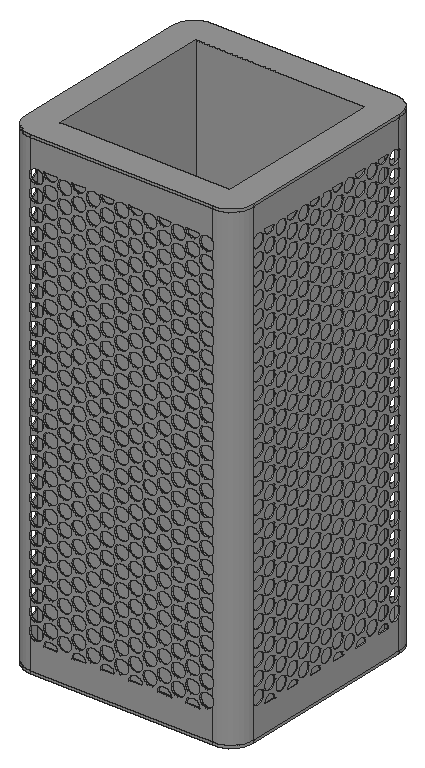
Revit family "Урна стальная «Ферия» Арт 12962", category Антураж, Revit 2018
Family settings
  На основе рабочей плоскости = Нет
  Всегда вертикально = Да
  При загрузке вырезать с полостями = Нет
  Источник визуального образа = Геометрия семейства
  Общий = Нет
  Точка расчета площади = Нет
Parameters (values of type "Урна стальная «Ферия»")
  Ширина = 400 mm  # constant formula
  Цвет отделки = Нержавеющая сталь
  Цвет бака = Зеленый
  Описание = "Урна стальная «Ферия». Одинарная"  # constant formula
  Материал изделия = "Сталь"  # constant formula
  Изображение типоразмера = Урна стальная «Ферия» Арт 12962.jpg
  Изготовитель = "ООО «Хоббика»"  # constant formula
  Длина = 400 mm  # constant formula
  Группа модели = "Уличные урны"  # constant formula
  Высота = 850 mm  # constant formula
  Артикул товара = "Арт. 12962"  # constant formula
  URL = "https://hobbyka.ru/product/urna_dlya_razdelnogo_sbora_musora_feriya/"
Reference planes
  plane 1 "По центру (Вперед/Назад)": y = 0
  plane 2: z = 0
  plane 3 "По центру (Влево/Вправо)": x = 0
  plane 4: y = 400
  plane 5: x = 400
  plane 6: z = 850
Forms (mm)
  Extrusion 1, solid, material "Нержавеющая сталь" <- "Цвет отделки"
    sketch origin (0, 0, 0) x (1, 0, 0) y (0, 1, 0)
      loop
        arc (40, 400) -> (11.716, 388.284) -> (0, 360) r 40
        line (0, 360) -> (0, 40)
        arc (0, 40) -> (11.716, 11.716) -> (40, 0) r 40
        line (40, 0) -> (360, 0)
        arc (360, 0) -> (388.284, 11.716) -> (400, 40) r 40
        line (400, 40) -> (400, 360)
        arc (400, 360) -> (388.284, 388.284) -> (360, 400) r 40
        line (360, 400) -> (40, 400)
      loop
        arc (40, 398) -> (13.13, 386.87) -> (2, 360) r 38
        line (2, 360) -> (2, 40)
        arc (2, 40) -> (13.13, 13.13) -> (40, 2) r 38
        line (40, 2) -> (360, 2)
        arc (360, 2) -> (386.87, 13.13) -> (398, 40) r 38
        line (398, 40) -> (398, 360)
        arc (398, 360) -> (386.87, 386.87) -> (360, 398) r 38
        line (360, 398) -> (40, 398)
    from 5 to 845
  Extrusion 2, solid, material "Зеленый" <- "Цвет бака"
    sketch origin (0, 0, 0) x (1, 0, 0) y (0, 1, 0)
      loop
        arc (400, 360) -> (388.284, 388.284) -> (360, 400) r 40
        line (360, 400) -> (40, 400)
        arc (40, 400) -> (11.716, 388.284) -> (0, 360) r 40
        line (0, 360) -> (0, 40)
        arc (0, 40) -> (11.716, 11.716) -> (40, 0) r 40
        line (40, 0) -> (360, 0)
        arc (360, 0) -> (388.284, 11.716) -> (400, 40) r 40
        line (400, 40) -> (400, 360)
    from 0 to 850
  Extrusion 3, void
    sketch origin (0, 0, 0) x (1, 0, 0) y (0, 1, 0)
      loop
        arc (400, 360) -> (388.284, 388.284) -> (360, 400) r 40
        line (360, 400) -> (40, 400)
        arc (40, 400) -> (11.716, 388.284) -> (0, 360) r 40
        line (0, 360) -> (0, 40)
        arc (0, 40) -> (11.716, 11.716) -> (40, 0) r 40
        line (40, 0) -> (360, 0)
        arc (360, 0) -> (388.284, 11.716) -> (400, 40) r 40
        line (400, 40) -> (400, 360)
      loop
        line (360, 375) -> (40, 375)
        arc (40, 375) -> (29.393, 370.607) -> (25, 360) r 15
        line (25, 360) -> (25, 40)
        arc (25, 40) -> (29.393, 29.393) -> (40, 25) r 15
        line (40, 25) -> (360, 25)
        arc (360, 25) -> (370.607, 29.393) -> (375, 40) r 15
        line (375, 40) -> (375, 360)
        arc (375, 360) -> (370.607, 370.607) -> (360, 375) r 15
    from 5 to 845
  Extrusion 4, void
    sketch origin (0, 0, 0) x (1, 0, 0) y (0, 1, 0)
      loop
        line (50, 350) -> (50, 50) -> (350, 50) -> (350, 350) -> (50, 350)
    from 5 to 893.247
  Extrusion 5, void
    sketch origin (0, 0, 0) x (1, 0, 0) y (0, 0, 1)
      loop
        line (62.5, 50) -> (87.5, 50)
        arc (87.5, 50) -> (75, 62.5) -> (62.5, 50) r 12.5
      loop
        arc (62.5, 800) -> (75, 787.5) -> (87.5, 800) r 12.5
        line (87.5, 800) -> (62.5, 800)
      loop
        circle (200, 787.5) r 12.5
      loop
        arc (162.5, 800) -> (175, 787.5) -> (187.5, 800) r 12.5
        line (187.5, 800) -> (162.5, 800)
      loop
        line (237.5, 800) -> (212.5, 800)
        arc (212.5, 800) -> (225, 787.5) -> (237.5, 800) r 12.5
      loop
        circle (150, 787.5) r 12.5
      loop
        arc (112.5, 800) -> (125, 787.5) -> (137.5, 800) r 12.5
        line (137.5, 800) -> (112.5, 800)
      loop
        circle (100, 787.5) r 12.5
      loop
        circle (250, 787.5) r 12.5
      loop
        line (287.5, 800) -> (262.5, 800)
        arc (262.5, 800) -> (275, 787.5) -> (287.5, 800) r 12.5
      loop
        circle (300, 787.5) r 12.5
      loop
        line (337.5, 800) -> (312.5, 800)
        arc (312.5, 800) -> (325, 787.5) -> (337.5, 800) r 12.5
      loop
        circle (100, 757.5) r 12.5
      loop
        circle (75, 770) r 12.5
      loop
        circle (125, 770) r 12.5
      loop
        circle (200, 757.5) r 12.5
      loop
        circle (175, 770) r 12.5
      loop
        circle (150, 757.5) r 12.5
      loop
        circle (300, 757.5) r 12.5
      loop
        circle (325, 770) r 12.5
      loop
        circle (275, 770) r 12.5
      loop
        circle (225, 770) r 12.5
      loop
        circle (250, 757.5) r 12.5
      loop
        circle (100, 727.5) r 12.5
      loop
        circle (75, 740) r 12.5
      loop
        circle (125, 740) r 12.5
      loop
        circle (200, 727.5) r 12.5
      loop
        circle (175, 740) r 12.5
      loop
        circle (150, 727.5) r 12.5
      loop
        circle (300, 727.5) r 12.5
      loop
        circle (325, 740) r 12.5
      loop
        circle (275, 740) r 12.5
      loop
        circle (225, 740) r 12.5
      loop
        circle (250, 727.5) r 12.5
      loop
        circle (100, 697.5) r 12.5
      loop
        circle (75, 710) r 12.5
      loop
        circle (125, 710) r 12.5
      loop
        circle (200, 697.5) r 12.5
      loop
        circle (175, 710) r 12.5
      loop
        circle (150, 697.5) r 12.5
      loop
        circle (300, 697.5) r 12.5
      loop
        circle (325, 710) r 12.5
      loop
        circle (275, 710) r 12.5
      loop
        circle (225, 710) r 12.5
      loop
        circle (250, 697.5) r 12.5
      loop
        circle (100, 667.5) r 12.5
      loop
        circle (75, 680) r 12.5
      loop
        circle (125, 680) r 12.5
      loop
        circle (200, 667.5) r 12.5
      loop
        circle (175, 680) r 12.5
      loop
        circle (150, 667.5) r 12.5
      loop
        circle (300, 667.5) r 12.5
      loop
        circle (325, 680) r 12.5
      loop
        circle (275, 680) r 12.5
      loop
        circle (225, 680) r 12.5
      loop
        circle (250, 667.5) r 12.5
      loop
        circle (100, 637.5) r 12.5
      loop
        circle (75, 650) r 12.5
      loop
        circle (125, 650) r 12.5
      loop
        circle (200, 637.5) r 12.5
      loop
        circle (175, 650) r 12.5
      loop
        circle (150, 637.5) r 12.5
      loop
        circle (300, 637.5) r 12.5
      loop
        circle (325, 650) r 12.5
      loop
        circle (275, 650) r 12.5
      loop
        circle (225, 650) r 12.5
      loop
        circle (250, 637.5) r 12.5
      loop
        circle (100, 607.5) r 12.5
      loop
        circle (75, 620) r 12.5
      loop
        circle (125, 620) r 12.5
      loop
        circle (200, 607.5) r 12.5
      loop
        circle (175, 620) r 12.5
      loop
        circle (150, 607.5) r 12.5
      loop
        circle (300, 607.5) r 12.5
      loop
        circle (325, 620) r 12.5
      loop
        circle (275, 620) r 12.5
      loop
        circle (225, 620) r 12.5
      loop
        circle (250, 607.5) r 12.5
      loop
        circle (100, 577.5) r 12.5
      loop
        circle (75, 590) r 12.5
      loop
        circle (125, 590) r 12.5
      loop
        circle (200, 577.5) r 12.5
      loop
        circle (175, 590) r 12.5
      loop
        circle (150, 577.5) r 12.5
      loop
        circle (300, 577.5) r 12.5
      loop
        circle (325, 590) r 12.5
      loop
        circle (275, 590) r 12.5
      loop
        circle (225, 590) r 12.5
      loop
        circle (250, 577.5) r 12.5
      loop
        circle (100, 547.5) r 12.5
      loop
        circle (75, 560) r 12.5
      loop
        circle (125, 560) r 12.5
      loop
        circle (200, 547.5) r 12.5
      loop
        circle (175, 560) r 12.5
      loop
        circle (150, 547.5) r 12.5
      loop
        circle (300, 547.5) r 12.5
      loop
        circle (325, 560) r 12.5
      loop
        circle (275, 560) r 12.5
      loop
        circle (225, 560) r 12.5
      loop
        circle (250, 547.5) r 12.5
      loop
        circle (100, 517.5) r 12.5
      loop
        circle (75, 530) r 12.5
      loop
        circle (125, 530) r 12.5
      loop
        circle (200, 517.5) r 12.5
      loop
        circle (175, 530) r 12.5
      loop
        circle (150, 517.5) r 12.5
      loop
        circle (300, 517.5) r 12.5
      loop
        circle (325, 530) r 12.5
      loop
        circle (275, 530) r 12.5
      loop
        circle (225, 530) r 12.5
      loop
        circle (250, 517.5) r 12.5
      loop
        circle (100, 487.5) r 12.5
      loop
        circle (75, 500) r 12.5
      loop
        circle (125, 500) r 12.5
      loop
        circle (200, 487.5) r 12.5
      loop
        circle (175, 500) r 12.5
      loop
        circle (150, 487.5) r 12.5
      loop
        circle (300, 487.5) r 12.5
      loop
        circle (325, 500) r 12.5
      loop
        circle (275, 500) r 12.5
      loop
        circle (225, 500) r 12.5
      loop
        circle (250, 487.5) r 12.5
      loop
        circle (100, 457.5) r 12.5
      loop
        circle (75, 470) r 12.5
      loop
        circle (125, 470) r 12.5
      loop
        circle (200, 457.5) r 12.5
      loop
        circle (175, 470) r 12.5
      loop
        circle (150, 457.5) r 12.5
      loop
        circle (300, 457.5) r 12.5
      loop
        circle (325, 470) r 12.5
      loop
        circle (275, 470) r 12.5
      loop
        circle (225, 470) r 12.5
      loop
        circle (250, 457.5) r 12.5
      loop
        circle (100, 427.5) r 12.5
      loop
        circle (75, 440) r 12.5
      loop
        circle (125, 440) r 12.5
      loop
        circle (200, 427.5) r 12.5
      loop
        circle (175, 440) r 12.5
      loop
        circle (150, 427.5) r 12.5
      loop
        circle (300, 427.5) r 12.5
      loop
        circle (325, 440) r 12.5
      loop
        circle (275, 440) r 12.5
      loop
        circle (225, 440) r 12.5
      loop
        circle (250, 427.5) r 12.5
      loop
        circle (100, 397.5) r 12.5
      loop
        circle (75, 410) r 12.5
      loop
        circle (125, 410) r 12.5
      loop
        circle (200, 397.5) r 12.5
      loop
        circle (175, 410) r 12.5
      loop
        circle (150, 397.5) r 12.5
      loop
        circle (300, 397.5) r 12.5
      loop
        circle (325, 410) r 12.5
      loop
        circle (275, 410) r 12.5
      loop
        circle (225, 410) r 12.5
      loop
        circle (250, 397.5) r 12.5
      loop
        circle (100, 367.5) r 12.5
      loop
        circle (75, 380) r 12.5
      loop
        circle (125, 380) r 12.5
      loop
        circle (200, 367.5) r 12.5
      loop
        circle (175, 380) r 12.5
      loop
        circle (150, 367.5) r 12.5
      loop
        circle (300, 367.5) r 12.5
      loop
        circle (325, 380) r 12.5
      loop
        circle (275, 380) r 12.5
      loop
        circle (225, 380) r 12.5
      loop
        circle (250, 367.5) r 12.5
      loop
        circle (100, 337.5) r 12.5
      loop
        circle (75, 350) r 12.5
      loop
        circle (125, 350) r 12.5
      loop
        circle (200, 337.5) r 12.5
      loop
        circle (175, 350) r 12.5
      loop
        circle (150, 337.5) r 12.5
      loop
        circle (300, 337.5) r 12.5
      loop
        circle (325, 350) r 12.5
      loop
        circle (275, 350) r 12.5
      loop
        circle (225, 350) r 12.5
      loop
        circle (250, 337.5) r 12.5
      loop
        circle (100, 307.5) r 12.5
      loop
        circle (75, 320) r 12.5
      loop
        circle (125, 320) r 12.5
      loop
        circle (200, 307.5) r 12.5
      loop
        circle (175, 320) r 12.5
      loop
        circle (150, 307.5) r 12.5
      loop
        circle (300, 307.5) r 12.5
      loop
        circle (325, 320) r 12.5
      loop
        circle (275, 320) r 12.5
      loop
        circle (225, 320) r 12.5
      loop
        circle (250, 307.5) r 12.5
      loop
        circle (100, 277.5) r 12.5
      loop
        circle (75, 290) r 12.5
      loop
        circle (125, 290) r 12.5
      loop
        circle (200, 277.5) r 12.5
      loop
        circle (175, 290) r 12.5
      loop
        circle (150, 277.5) r 12.5
      loop
        circle (300, 277.5) r 12.5
      loop
        circle (325, 290) r 12.5
      loop
        circle (275, 290) r 12.5
      loop
        circle (225, 290) r 12.5
      loop
        circle (250, 277.5) r 12.5
      loop
        circle (100, 247.5) r 12.5
      loop
        circle (75, 260) r 12.5
      loop
        circle (125, 260) r 12.5
      loop
        circle (200, 247.5) r 12.5
      loop
        circle (175, 260) r 12.5
      loop
        circle (150, 247.5) r 12.5
      loop
        circle (300, 247.5) r 12.5
      loop
        circle (325, 260) r 12.5
      loop
        circle (275, 260) r 12.5
      loop
        circle (225, 260) r 12.5
      loop
        circle (250, 247.5) r 12.5
      loop
        circle (100, 217.5) r 12.5
      loop
        circle (75, 230) r 12.5
      loop
        circle (125, 230) r 12.5
      loop
        circle (200, 217.5) r 12.5
      loop
        circle (175, 230) r 12.5
      loop
        circle (150, 217.5) r 12.5
      loop
        circle (300, 217.5) r 12.5
      loop
        circle (325, 230) r 12.5
      loop
        circle (275, 230) r 12.5
      loop
        circle (225, 230) r 12.5
      loop
        circle (250, 217.5) r 12.5
      loop
        circle (100, 187.5) r 12.5
      loop
        circle (75, 200) r 12.5
      loop
        circle (125, 200) r 12.5
      loop
        circle (200, 187.5) r 12.5
      loop
        circle (175, 200) r 12.5
      loop
        circle (150, 187.5) r 12.5
      loop
        circle (300, 187.5) r 12.5
      loop
        circle (325, 200) r 12.5
      loop
        circle (275, 200) r 12.5
      loop
        circle (225, 200) r 12.5
      loop
        circle (250, 187.5) r 12.5
      loop
        circle (100, 157.5) r 12.5
      loop
        circle (75, 170) r 12.5
      loop
        circle (125, 170) r 12.5
      loop
        circle (200, 157.5) r 12.5
      loop
        circle (175, 170) r 12.5
      loop
        circle (150, 157.5) r 12.5
      loop
        circle (300, 157.5) r 12.5
      loop
        circle (325, 170) r 12.5
      loop
        circle (275, 170) r 12.5
      loop
        circle (225, 170) r 12.5
      loop
        circle (250, 157.5) r 12.5
      loop
        circle (100, 127.5) r 12.5
      loop
        circle (75, 140) r 12.5
      loop
        circle (125, 140) r 12.5
      loop
        circle (200, 127.5) r 12.5
      loop
        circle (175, 140) r 12.5
      loop
        circle (150, 127.5) r 12.5
      loop
        circle (300, 127.5) r 12.5
      loop
        circle (325, 140) r 12.5
      loop
        circle (275, 140) r 12.5
      loop
        circle (225, 140) r 12.5
      loop
        circle (250, 127.5) r 12.5
      loop
        circle (100, 97.5) r 12.5
      loop
        circle (75, 110) r 12.5
      loop
        circle (125, 110) r 12.5
      loop
        circle (200, 97.5) r 12.5
      loop
        circle (175, 110) r 12.5
      loop
        circle (150, 97.5) r 12.5
      loop
        circle (300, 97.5) r 12.5
      loop
        circle (325, 110) r 12.5
      loop
        circle (275, 110) r 12.5
      loop
        circle (225, 110) r 12.5
      loop
        circle (250, 97.5) r 12.5
      loop
        circle (100, 67.5) r 12.5
      loop
        circle (75, 80) r 12.5
      loop
        circle (125, 80) r 12.5
      loop
        circle (200, 67.5) r 12.5
      loop
        circle (175, 80) r 12.5
      loop
        circle (150, 67.5) r 12.5
      loop
        circle (300, 67.5) r 12.5
      loop
        circle (325, 80) r 12.5
      loop
        circle (275, 80) r 12.5
      loop
        circle (225, 80) r 12.5
      loop
        circle (250, 67.5) r 12.5
      loop
        line (112.5, 50) -> (137.5, 50)
        arc (137.5, 50) -> (125, 62.5) -> (112.5, 50) r 12.5
      loop
        arc (187.5, 50) -> (175, 62.5) -> (162.5, 50) r 12.5
        line (162.5, 50) -> (187.5, 50)
      loop
        line (312.5, 50) -> (337.5, 50)
        arc (337.5, 50) -> (325, 62.5) -> (312.5, 50) r 12.5
      loop
        arc (287.5, 50) -> (275, 62.5) -> (262.5, 50) r 12.5
        line (262.5, 50) -> (287.5, 50)
      loop
        line (212.5, 50) -> (237.5, 50)
        arc (237.5, 50) -> (225, 62.5) -> (212.5, 50) r 12.5
      loop
        circle (50, 787.5) r 12.5
      loop
        circle (50, 757.5) r 12.5
      loop
        circle (50, 727.5) r 12.5
      loop
        circle (50, 697.5) r 12.5
      loop
        circle (50, 667.5) r 12.5
      loop
        circle (50, 637.5) r 12.5
      loop
        circle (50, 607.5) r 12.5
      loop
        circle (50, 577.5) r 12.5
      loop
        circle (50, 547.5) r 12.5
      loop
        circle (50, 517.5) r 12.5
      loop
        circle (50, 487.5) r 12.5
      loop
        circle (50, 457.5) r 12.5
      loop
        circle (50, 427.5) r 12.5
      loop
        circle (50, 397.5) r 12.5
      loop
        circle (50, 367.5) r 12.5
      loop
        circle (50, 337.5) r 12.5
      loop
        circle (50, 307.5) r 12.5
      loop
        circle (50, 277.5) r 12.5
      loop
        circle (50, 247.5) r 12.5
      loop
        circle (50, 217.5) r 12.5
      loop
        circle (50, 187.5) r 12.5
      loop
        circle (50, 157.5) r 12.5
      loop
        circle (50, 127.5) r 12.5
      loop
        circle (50, 97.5) r 12.5
      loop
        circle (50, 67.5) r 12.5
      loop
        circle (350, 787.5) r 12.5
      loop
        circle (350, 757.5) r 12.5
      loop
        circle (350, 727.5) r 12.5
      loop
        circle (350, 697.5) r 12.5
      loop
        circle (350, 667.5) r 12.5
      loop
        circle (350, 637.5) r 12.5
      loop
        circle (350, 607.5) r 12.5
      loop
        circle (350, 577.5) r 12.5
      loop
        circle (350, 547.5) r 12.5
      loop
        circle (350, 517.5) r 12.5
      loop
        circle (350, 487.5) r 12.5
      loop
        circle (350, 457.5) r 12.5
      loop
        circle (350, 427.5) r 12.5
      loop
        circle (350, 397.5) r 12.5
      loop
        circle (350, 367.5) r 12.5
      loop
        circle (350, 337.5) r 12.5
      loop
        circle (350, 307.5) r 12.5
      loop
        circle (350, 277.5) r 12.5
      loop
        circle (350, 247.5) r 12.5
      loop
        circle (350, 217.5) r 12.5
      loop
        circle (350, 187.5) r 12.5
      loop
        circle (350, 157.5) r 12.5
      loop
        circle (350, 127.5) r 12.5
      loop
        circle (350, 97.5) r 12.5
      loop
        circle (350, 67.5) r 12.5
    from -14.489 to 16.155
  Extrusion 6, void
    sketch origin (0, 400, 0) x (1, 0, 0) y (0, 0, -1)
      loop
        arc (62.5, -50) -> (75, -62.5) -> (87.5, -50) r 12.5
        line (87.5, -50) -> (62.5, -50)
      loop
        line (62.5, -800) -> (87.5, -800)
        arc (87.5, -800) -> (75, -787.5) -> (62.5, -800) r 12.5
      loop
        circle (200, -787.5) r 12.5
      loop
        line (162.5, -800) -> (187.5, -800)
        arc (187.5, -800) -> (175, -787.5) -> (162.5, -800) r 12.5
      loop
        arc (237.5, -800) -> (225, -787.5) -> (212.5, -800) r 12.5
        line (212.5, -800) -> (237.5, -800)
      loop
        circle (150, -787.5) r 12.5
      loop
        line (112.5, -800) -> (137.5, -800)
        arc (137.5, -800) -> (125, -787.5) -> (112.5, -800) r 12.5
      loop
        circle (100, -787.5) r 12.5
      loop
        circle (250, -787.5) r 12.5
      loop
        arc (287.5, -800) -> (275, -787.5) -> (262.5, -800) r 12.5
        line (262.5, -800) -> (287.5, -800)
      loop
        circle (300, -787.5) r 12.5
      loop
        arc (337.5, -800) -> (325, -787.5) -> (312.5, -800) r 12.5
        line (312.5, -800) -> (337.5, -800)
      loop
        circle (100, -757.5) r 12.5
      loop
        circle (75, -770) r 12.5
      loop
        circle (125, -770) r 12.5
      loop
        circle (200, -757.5) r 12.5
      loop
        circle (175, -770) r 12.5
      loop
        circle (150, -757.5) r 12.5
      loop
        circle (300, -757.5) r 12.5
      loop
        circle (325, -770) r 12.5
      loop
        circle (275, -770) r 12.5
      loop
        circle (225, -770) r 12.5
      loop
        circle (250, -757.5) r 12.5
      loop
        circle (100, -727.5) r 12.5
      loop
        circle (75, -740) r 12.5
      loop
        circle (125, -740) r 12.5
      loop
        circle (200, -727.5) r 12.5
      loop
        circle (175, -740) r 12.5
      loop
        circle (150, -727.5) r 12.5
      loop
        circle (300, -727.5) r 12.5
      loop
        circle (325, -740) r 12.5
      loop
        circle (275, -740) r 12.5
      loop
        circle (225, -740) r 12.5
      loop
        circle (250, -727.5) r 12.5
      loop
        circle (100, -697.5) r 12.5
      loop
        circle (75, -710) r 12.5
      loop
        circle (125, -710) r 12.5
      loop
        circle (200, -697.5) r 12.5
      loop
        circle (175, -710) r 12.5
      loop
        circle (150, -697.5) r 12.5
      loop
        circle (300, -697.5) r 12.5
      loop
        circle (325, -710) r 12.5
      loop
        circle (275, -710) r 12.5
      loop
        circle (225, -710) r 12.5
      loop
        circle (250, -697.5) r 12.5
      loop
        circle (100, -667.5) r 12.5
      loop
        circle (75, -680) r 12.5
      loop
        circle (125, -680) r 12.5
      loop
        circle (200, -667.5) r 12.5
      loop
        circle (175, -680) r 12.5
      loop
        circle (150, -667.5) r 12.5
      loop
        circle (300, -667.5) r 12.5
      loop
        circle (325, -680) r 12.5
      loop
        circle (275, -680) r 12.5
      loop
        circle (225, -680) r 12.5
      loop
        circle (250, -667.5) r 12.5
      loop
        circle (100, -637.5) r 12.5
      loop
        circle (75, -650) r 12.5
      loop
        circle (125, -650) r 12.5
      loop
        circle (200, -637.5) r 12.5
      loop
        circle (175, -650) r 12.5
      loop
        circle (150, -637.5) r 12.5
      loop
        circle (300, -637.5) r 12.5
      loop
        circle (325, -650) r 12.5
      loop
        circle (275, -650) r 12.5
      loop
        circle (225, -650) r 12.5
      loop
        circle (250, -637.5) r 12.5
      loop
        circle (100, -607.5) r 12.5
      loop
        circle (75, -620) r 12.5
      loop
        circle (125, -620) r 12.5
      loop
        circle (200, -607.5) r 12.5
      loop
        circle (175, -620) r 12.5
      loop
        circle (150, -607.5) r 12.5
      loop
        circle (300, -607.5) r 12.5
      loop
        circle (325, -620) r 12.5
      loop
        circle (275, -620) r 12.5
      loop
        circle (225, -620) r 12.5
      loop
        circle (250, -607.5) r 12.5
      loop
        circle (100, -577.5) r 12.5
      loop
        circle (75, -590) r 12.5
      loop
        circle (125, -590) r 12.5
      loop
        circle (200, -577.5) r 12.5
      loop
        circle (175, -590) r 12.5
      loop
        circle (150, -577.5) r 12.5
      loop
        circle (300, -577.5) r 12.5
      loop
        circle (325, -590) r 12.5
      loop
        circle (275, -590) r 12.5
      loop
        circle (225, -590) r 12.5
      loop
        circle (250, -577.5) r 12.5
      loop
        circle (100, -547.5) r 12.5
      loop
        circle (75, -560) r 12.5
      loop
        circle (125, -560) r 12.5
      loop
        circle (200, -547.5) r 12.5
      loop
        circle (175, -560) r 12.5
      loop
        circle (150, -547.5) r 12.5
      loop
        circle (300, -547.5) r 12.5
      loop
        circle (325, -560) r 12.5
      loop
        circle (275, -560) r 12.5
      loop
        circle (225, -560) r 12.5
      loop
        circle (250, -547.5) r 12.5
      loop
        circle (100, -517.5) r 12.5
      loop
        circle (75, -530) r 12.5
      loop
        circle (125, -530) r 12.5
      loop
        circle (200, -517.5) r 12.5
      loop
        circle (175, -530) r 12.5
      loop
        circle (150, -517.5) r 12.5
      loop
        circle (300, -517.5) r 12.5
      loop
        circle (325, -530) r 12.5
      loop
        circle (275, -530) r 12.5
      loop
        circle (225, -530) r 12.5
      loop
        circle (250, -517.5) r 12.5
      loop
        circle (100, -487.5) r 12.5
      loop
        circle (75, -500) r 12.5
      loop
        circle (125, -500) r 12.5
      loop
        circle (200, -487.5) r 12.5
      loop
        circle (175, -500) r 12.5
      loop
        circle (150, -487.5) r 12.5
      loop
        circle (300, -487.5) r 12.5
      loop
        circle (325, -500) r 12.5
      loop
        circle (275, -500) r 12.5
      loop
        circle (225, -500) r 12.5
      loop
        circle (250, -487.5) r 12.5
      loop
        circle (100, -457.5) r 12.5
      loop
        circle (75, -470) r 12.5
      loop
        circle (125, -470) r 12.5
      loop
        circle (200, -457.5) r 12.5
      loop
        circle (175, -470) r 12.5
      loop
        circle (150, -457.5) r 12.5
      loop
        circle (300, -457.5) r 12.5
      loop
        circle (325, -470) r 12.5
      loop
        circle (275, -470) r 12.5
      loop
        circle (225, -470) r 12.5
      loop
        circle (250, -457.5) r 12.5
      loop
        circle (100, -427.5) r 12.5
      loop
        circle (75, -440) r 12.5
      loop
        circle (125, -440) r 12.5
      loop
        circle (200, -427.5) r 12.5
      loop
        circle (175, -440) r 12.5
      loop
        circle (150, -427.5) r 12.5
      loop
        circle (300, -427.5) r 12.5
      loop
        circle (325, -440) r 12.5
      loop
        circle (275, -440) r 12.5
      loop
        circle (225, -440) r 12.5
      loop
        circle (250, -427.5) r 12.5
      loop
        circle (100, -397.5) r 12.5
      loop
        circle (75, -410) r 12.5
      loop
        circle (125, -410) r 12.5
      loop
        circle (200, -397.5) r 12.5
      loop
        circle (175, -410) r 12.5
      loop
        circle (150, -397.5) r 12.5
      loop
        circle (300, -397.5) r 12.5
      loop
        circle (325, -410) r 12.5
      loop
        circle (275, -410) r 12.5
      loop
        circle (225, -410) r 12.5
      loop
        circle (250, -397.5) r 12.5
      loop
        circle (100, -367.5) r 12.5
      loop
        circle (75, -380) r 12.5
      loop
        circle (125, -380) r 12.5
      loop
        circle (200, -367.5) r 12.5
      loop
        circle (175, -380) r 12.5
      loop
        circle (150, -367.5) r 12.5
      loop
        circle (300, -367.5) r 12.5
      loop
        circle (325, -380) r 12.5
      loop
        circle (275, -380) r 12.5
      loop
        circle (225, -380) r 12.5
      loop
        circle (250, -367.5) r 12.5
      loop
        circle (100, -337.5) r 12.5
      loop
        circle (75, -350) r 12.5
      loop
        circle (125, -350) r 12.5
      loop
        circle (200, -337.5) r 12.5
      loop
        circle (175, -350) r 12.5
      loop
        circle (150, -337.5) r 12.5
      loop
        circle (300, -337.5) r 12.5
      loop
        circle (325, -350) r 12.5
      loop
        circle (275, -350) r 12.5
      loop
        circle (225, -350) r 12.5
      loop
        circle (250, -337.5) r 12.5
      loop
        circle (100, -307.5) r 12.5
      loop
        circle (75, -320) r 12.5
      loop
        circle (125, -320) r 12.5
      loop
        circle (200, -307.5) r 12.5
      loop
        circle (175, -320) r 12.5
      loop
        circle (150, -307.5) r 12.5
      loop
        circle (300, -307.5) r 12.5
      loop
        circle (325, -320) r 12.5
      loop
        circle (275, -320) r 12.5
      loop
        circle (225, -320) r 12.5
      loop
        circle (250, -307.5) r 12.5
      loop
        circle (100, -277.5) r 12.5
      loop
        circle (75, -290) r 12.5
      loop
        circle (125, -290) r 12.5
      loop
        circle (200, -277.5) r 12.5
      loop
        circle (175, -290) r 12.5
      loop
        circle (150, -277.5) r 12.5
      loop
        circle (300, -277.5) r 12.5
      loop
        circle (325, -290) r 12.5
      loop
        circle (275, -290) r 12.5
      loop
        circle (225, -290) r 12.5
      loop
        circle (250, -277.5) r 12.5
      loop
        circle (100, -247.5) r 12.5
      loop
        circle (75, -260) r 12.5
      loop
        circle (125, -260) r 12.5
      loop
        circle (200, -247.5) r 12.5
      loop
        circle (175, -260) r 12.5
      loop
        circle (150, -247.5) r 12.5
      loop
        circle (300, -247.5) r 12.5
      loop
        circle (325, -260) r 12.5
      loop
        circle (275, -260) r 12.5
      loop
        circle (225, -260) r 12.5
      loop
        circle (250, -247.5) r 12.5
      loop
        circle (100, -217.5) r 12.5
      loop
        circle (75, -230) r 12.5
      loop
        circle (125, -230) r 12.5
      loop
        circle (200, -217.5) r 12.5
      loop
        circle (175, -230) r 12.5
      loop
        circle (150, -217.5) r 12.5
      loop
        circle (300, -217.5) r 12.5
      loop
        circle (325, -230) r 12.5
      loop
        circle (275, -230) r 12.5
      loop
        circle (225, -230) r 12.5
      loop
        circle (250, -217.5) r 12.5
      loop
        circle (100, -187.5) r 12.5
      loop
        circle (75, -200) r 12.5
      loop
        circle (125, -200) r 12.5
      loop
        circle (200, -187.5) r 12.5
      loop
        circle (175, -200) r 12.5
      loop
        circle (150, -187.5) r 12.5
      loop
        circle (300, -187.5) r 12.5
      loop
        circle (325, -200) r 12.5
      loop
        circle (275, -200) r 12.5
      loop
        circle (225, -200) r 12.5
      loop
        circle (250, -187.5) r 12.5
      loop
        circle (100, -157.5) r 12.5
      loop
        circle (75, -170) r 12.5
      loop
        circle (125, -170) r 12.5
      loop
        circle (200, -157.5) r 12.5
      loop
        circle (175, -170) r 12.5
      loop
        circle (150, -157.5) r 12.5
      loop
        circle (300, -157.5) r 12.5
      loop
        circle (325, -170) r 12.5
      loop
        circle (275, -170) r 12.5
      loop
        circle (225, -170) r 12.5
      loop
        circle (250, -157.5) r 12.5
      loop
        circle (100, -127.5) r 12.5
      loop
        circle (75, -140) r 12.5
      loop
        circle (125, -140) r 12.5
      loop
        circle (200, -127.5) r 12.5
      loop
        circle (175, -140) r 12.5
      loop
        circle (150, -127.5) r 12.5
      loop
        circle (300, -127.5) r 12.5
      loop
        circle (325, -140) r 12.5
      loop
        circle (275, -140) r 12.5
      loop
        circle (225, -140) r 12.5
      loop
        circle (250, -127.5) r 12.5
      loop
        circle (100, -97.5) r 12.5
      loop
        circle (75, -110) r 12.5
      loop
        circle (125, -110) r 12.5
      loop
        circle (200, -97.5) r 12.5
      loop
        circle (175, -110) r 12.5
      loop
        circle (150, -97.5) r 12.5
      loop
        circle (300, -97.5) r 12.5
      loop
        circle (325, -110) r 12.5
      loop
        circle (275, -110) r 12.5
      loop
        circle (225, -110) r 12.5
      loop
        circle (250, -97.5) r 12.5
      loop
        circle (100, -67.5) r 12.5
      loop
        circle (75, -80) r 12.5
      loop
        circle (125, -80) r 12.5
      loop
        circle (200, -67.5) r 12.5
      loop
        circle (175, -80) r 12.5
      loop
        circle (150, -67.5) r 12.5
      loop
        circle (300, -67.5) r 12.5
      loop
        circle (325, -80) r 12.5
      loop
        circle (275, -80) r 12.5
      loop
        circle (225, -80) r 12.5
      loop
        circle (250, -67.5) r 12.5
      loop
        arc (112.5, -50) -> (125, -62.5) -> (137.5, -50) r 12.5
        line (137.5, -50) -> (112.5, -50)
      loop
        line (187.5, -50) -> (162.5, -50)
        arc (162.5, -50) -> (175, -62.5) -> (187.5, -50) r 12.5
      loop
        arc (312.5, -50) -> (325, -62.5) -> (337.5, -50) r 12.5
        line (337.5, -50) -> (312.5, -50)
      loop
        line (287.5, -50) -> (262.5, -50)
        arc (262.5, -50) -> (275, -62.5) -> (287.5, -50) r 12.5
      loop
        arc (212.5, -50) -> (225, -62.5) -> (237.5, -50) r 12.5
        line (237.5, -50) -> (212.5, -50)
      loop
        circle (50, -787.5) r 12.5
      loop
        circle (50, -757.5) r 12.5
      loop
        circle (50, -727.5) r 12.5
      loop
        circle (50, -697.5) r 12.5
      loop
        circle (50, -667.5) r 12.5
      loop
        circle (50, -637.5) r 12.5
      loop
        circle (50, -607.5) r 12.5
      loop
        circle (50, -577.5) r 12.5
      loop
        circle (50, -547.5) r 12.5
      loop
        circle (50, -517.5) r 12.5
      loop
        circle (50, -487.5) r 12.5
      loop
        circle (50, -457.5) r 12.5
      loop
        circle (50, -427.5) r 12.5
      loop
        circle (50, -397.5) r 12.5
      loop
        circle (50, -367.5) r 12.5
      loop
        circle (50, -337.5) r 12.5
      loop
        circle (50, -307.5) r 12.5
      loop
        circle (50, -277.5) r 12.5
      loop
        circle (50, -247.5) r 12.5
      loop
        circle (50, -217.5) r 12.5
      loop
        circle (50, -187.5) r 12.5
      loop
        circle (50, -157.5) r 12.5
      loop
        circle (50, -127.5) r 12.5
      loop
        circle (50, -97.5) r 12.5
      loop
        circle (50, -67.5) r 12.5
      loop
        circle (350, -787.5) r 12.5
      loop
        circle (350, -757.5) r 12.5
      loop
        circle (350, -727.5) r 12.5
      loop
        circle (350, -697.5) r 12.5
      loop
        circle (350, -667.5) r 12.5
      loop
        circle (350, -637.5) r 12.5
      loop
        circle (350, -607.5) r 12.5
      loop
        circle (350, -577.5) r 12.5
      loop
        circle (350, -547.5) r 12.5
      loop
        circle (350, -517.5) r 12.5
      loop
        circle (350, -487.5) r 12.5
      loop
        circle (350, -457.5) r 12.5
      loop
        circle (350, -427.5) r 12.5
      loop
        circle (350, -397.5) r 12.5
      loop
        circle (350, -367.5) r 12.5
      loop
        circle (350, -337.5) r 12.5
      loop
        circle (350, -307.5) r 12.5
      loop
        circle (350, -277.5) r 12.5
      loop
        circle (350, -247.5) r 12.5
      loop
        circle (350, -217.5) r 12.5
      loop
        circle (350, -187.5) r 12.5
      loop
        circle (350, -157.5) r 12.5
      loop
        circle (350, -127.5) r 12.5
      loop
        circle (350, -97.5) r 12.5
      loop
        circle (350, -67.5) r 12.5
    from -14.489 to 16.155
  Extrusion 7, void
    sketch origin (0, 400, 0) x (0, -1, 0) y (0, 0, 1)
      loop
        line (62.5, 50) -> (87.5, 50)
        arc (87.5, 50) -> (75, 62.5) -> (62.5, 50) r 12.5
      loop
        arc (62.5, 800) -> (75, 787.5) -> (87.5, 800) r 12.5
        line (87.5, 800) -> (62.5, 800)
      loop
        circle (200, 787.5) r 12.5
      loop
        arc (162.5, 800) -> (175, 787.5) -> (187.5, 800) r 12.5
        line (187.5, 800) -> (162.5, 800)
      loop
        line (237.5, 800) -> (212.5, 800)
        arc (212.5, 800) -> (225, 787.5) -> (237.5, 800) r 12.5
      loop
        circle (150, 787.5) r 12.5
      loop
        arc (112.5, 800) -> (125, 787.5) -> (137.5, 800) r 12.5
        line (137.5, 800) -> (112.5, 800)
      loop
        circle (100, 787.5) r 12.5
      loop
        circle (250, 787.5) r 12.5
      loop
        line (287.5, 800) -> (262.5, 800)
        arc (262.5, 800) -> (275, 787.5) -> (287.5, 800) r 12.5
      loop
        circle (300, 787.5) r 12.5
      loop
        line (337.5, 800) -> (312.5, 800)
        arc (312.5, 800) -> (325, 787.5) -> (337.5, 800) r 12.5
      loop
        circle (100, 757.5) r 12.5
      loop
        circle (75, 770) r 12.5
      loop
        circle (125, 770) r 12.5
      loop
        circle (200, 757.5) r 12.5
      loop
        circle (175, 770) r 12.5
      loop
        circle (150, 757.5) r 12.5
      loop
        circle (300, 757.5) r 12.5
      loop
        circle (325, 770) r 12.5
      loop
        circle (275, 770) r 12.5
      loop
        circle (225, 770) r 12.5
      loop
        circle (250, 757.5) r 12.5
      loop
        circle (100, 727.5) r 12.5
      loop
        circle (75, 740) r 12.5
      loop
        circle (125, 740) r 12.5
      loop
        circle (200, 727.5) r 12.5
      loop
        circle (175, 740) r 12.5
      loop
        circle (150, 727.5) r 12.5
      loop
        circle (300, 727.5) r 12.5
      loop
        circle (325, 740) r 12.5
      loop
        circle (275, 740) r 12.5
      loop
        circle (225, 740) r 12.5
      loop
        circle (250, 727.5) r 12.5
      loop
        circle (100, 697.5) r 12.5
      loop
        circle (75, 710) r 12.5
      loop
        circle (125, 710) r 12.5
      loop
        circle (200, 697.5) r 12.5
      loop
        circle (175, 710) r 12.5
      loop
        circle (150, 697.5) r 12.5
      loop
        circle (300, 697.5) r 12.5
      loop
        circle (325, 710) r 12.5
      loop
        circle (275, 710) r 12.5
      loop
        circle (225, 710) r 12.5
      loop
        circle (250, 697.5) r 12.5
      loop
        circle (100, 667.5) r 12.5
      loop
        circle (75, 680) r 12.5
      loop
        circle (125, 680) r 12.5
      loop
        circle (200, 667.5) r 12.5
      loop
        circle (175, 680) r 12.5
      loop
        circle (150, 667.5) r 12.5
      loop
        circle (300, 667.5) r 12.5
      loop
        circle (325, 680) r 12.5
      loop
        circle (275, 680) r 12.5
      loop
        circle (225, 680) r 12.5
      loop
        circle (250, 667.5) r 12.5
      loop
        circle (100, 637.5) r 12.5
      loop
        circle (75, 650) r 12.5
      loop
        circle (125, 650) r 12.5
      loop
        circle (200, 637.5) r 12.5
      loop
        circle (175, 650) r 12.5
      loop
        circle (150, 637.5) r 12.5
      loop
        circle (300, 637.5) r 12.5
      loop
        circle (325, 650) r 12.5
      loop
        circle (275, 650) r 12.5
      loop
        circle (225, 650) r 12.5
      loop
        circle (250, 637.5) r 12.5
      loop
        circle (100, 607.5) r 12.5
      loop
        circle (75, 620) r 12.5
      loop
        circle (125, 620) r 12.5
      loop
        circle (200, 607.5) r 12.5
      loop
        circle (175, 620) r 12.5
      loop
        circle (150, 607.5) r 12.5
      loop
        circle (300, 607.5) r 12.5
      loop
        circle (325, 620) r 12.5
      loop
        circle (275, 620) r 12.5
      loop
        circle (225, 620) r 12.5
      loop
        circle (250, 607.5) r 12.5
      loop
        circle (100, 577.5) r 12.5
      loop
        circle (75, 590) r 12.5
      loop
        circle (125, 590) r 12.5
      loop
        circle (200, 577.5) r 12.5
      loop
        circle (175, 590) r 12.5
      loop
        circle (150, 577.5) r 12.5
      loop
        circle (300, 577.5) r 12.5
      loop
        circle (325, 590) r 12.5
      loop
        circle (275, 590) r 12.5
      loop
        circle (225, 590) r 12.5
      loop
        circle (250, 577.5) r 12.5
      loop
        circle (100, 547.5) r 12.5
      loop
        circle (75, 560) r 12.5
      loop
        circle (125, 560) r 12.5
      loop
        circle (200, 547.5) r 12.5
      loop
        circle (175, 560) r 12.5
      loop
        circle (150, 547.5) r 12.5
      loop
        circle (300, 547.5) r 12.5
      loop
        circle (325, 560) r 12.5
      loop
        circle (275, 560) r 12.5
      loop
        circle (225, 560) r 12.5
      loop
        circle (250, 547.5) r 12.5
      loop
        circle (100, 517.5) r 12.5
      loop
        circle (75, 530) r 12.5
      loop
        circle (125, 530) r 12.5
      loop
        circle (200, 517.5) r 12.5
      loop
        circle (175, 530) r 12.5
      loop
        circle (150, 517.5) r 12.5
      loop
        circle (300, 517.5) r 12.5
      loop
        circle (325, 530) r 12.5
      loop
        circle (275, 530) r 12.5
      loop
        circle (225, 530) r 12.5
      loop
        circle (250, 517.5) r 12.5
      loop
        circle (100, 487.5) r 12.5
      loop
        circle (75, 500) r 12.5
      loop
        circle (125, 500) r 12.5
      loop
        circle (200, 487.5) r 12.5
      loop
        circle (175, 500) r 12.5
      loop
        circle (150, 487.5) r 12.5
      loop
        circle (300, 487.5) r 12.5
      loop
        circle (325, 500) r 12.5
      loop
        circle (275, 500) r 12.5
      loop
        circle (225, 500) r 12.5
      loop
        circle (250, 487.5) r 12.5
      loop
        circle (100, 457.5) r 12.5
      loop
        circle (75, 470) r 12.5
      loop
        circle (125, 470) r 12.5
      loop
        circle (200, 457.5) r 12.5
      loop
        circle (175, 470) r 12.5
      loop
        circle (150, 457.5) r 12.5
      loop
        circle (300, 457.5) r 12.5
      loop
        circle (325, 470) r 12.5
      loop
        circle (275, 470) r 12.5
      loop
        circle (225, 470) r 12.5
      loop
        circle (250, 457.5) r 12.5
      loop
        circle (100, 427.5) r 12.5
      loop
        circle (75, 440) r 12.5
      loop
        circle (125, 440) r 12.5
      loop
        circle (200, 427.5) r 12.5
      loop
        circle (175, 440) r 12.5
      loop
        circle (150, 427.5) r 12.5
      loop
        circle (300, 427.5) r 12.5
      loop
        circle (325, 440) r 12.5
      loop
        circle (275, 440) r 12.5
      loop
        circle (225, 440) r 12.5
      loop
        circle (250, 427.5) r 12.5
      loop
        circle (100, 397.5) r 12.5
      loop
        circle (75, 410) r 12.5
      loop
        circle (125, 410) r 12.5
      loop
        circle (200, 397.5) r 12.5
      loop
        circle (175, 410) r 12.5
      loop
        circle (150, 397.5) r 12.5
      loop
        circle (300, 397.5) r 12.5
      loop
        circle (325, 410) r 12.5
      loop
        circle (275, 410) r 12.5
      loop
        circle (225, 410) r 12.5
      loop
        circle (250, 397.5) r 12.5
      loop
        circle (100, 367.5) r 12.5
      loop
        circle (75, 380) r 12.5
      loop
        circle (125, 380) r 12.5
      loop
        circle (200, 367.5) r 12.5
      loop
        circle (175, 380) r 12.5
      loop
        circle (150, 367.5) r 12.5
      loop
        circle (300, 367.5) r 12.5
      loop
        circle (325, 380) r 12.5
      loop
        circle (275, 380) r 12.5
      loop
        circle (225, 380) r 12.5
      loop
        circle (250, 367.5) r 12.5
      loop
        circle (100, 337.5) r 12.5
      loop
        circle (75, 350) r 12.5
      loop
        circle (125, 350) r 12.5
      loop
        circle (200, 337.5) r 12.5
      loop
        circle (175, 350) r 12.5
      loop
        circle (150, 337.5) r 12.5
      loop
        circle (300, 337.5) r 12.5
      loop
        circle (325, 350) r 12.5
      loop
        circle (275, 350) r 12.5
      loop
        circle (225, 350) r 12.5
      loop
        circle (250, 337.5) r 12.5
      loop
        circle (100, 307.5) r 12.5
      loop
        circle (75, 320) r 12.5
      loop
        circle (125, 320) r 12.5
      loop
        circle (200, 307.5) r 12.5
      loop
        circle (175, 320) r 12.5
      loop
        circle (150, 307.5) r 12.5
      loop
        circle (300, 307.5) r 12.5
      loop
        circle (325, 320) r 12.5
      loop
        circle (275, 320) r 12.5
      loop
        circle (225, 320) r 12.5
      loop
        circle (250, 307.5) r 12.5
      loop
        circle (100, 277.5) r 12.5
      loop
        circle (75, 290) r 12.5
      loop
        circle (125, 290) r 12.5
      loop
        circle (200, 277.5) r 12.5
      loop
        circle (175, 290) r 12.5
      loop
        circle (150, 277.5) r 12.5
      loop
        circle (300, 277.5) r 12.5
      loop
        circle (325, 290) r 12.5
      loop
        circle (275, 290) r 12.5
      loop
        circle (225, 290) r 12.5
      loop
        circle (250, 277.5) r 12.5
      loop
        circle (100, 247.5) r 12.5
      loop
        circle (75, 260) r 12.5
      loop
        circle (125, 260) r 12.5
      loop
        circle (200, 247.5) r 12.5
      loop
        circle (175, 260) r 12.5
      loop
        circle (150, 247.5) r 12.5
      loop
        circle (300, 247.5) r 12.5
      loop
        circle (325, 260) r 12.5
      loop
        circle (275, 260) r 12.5
      loop
        circle (225, 260) r 12.5
      loop
        circle (250, 247.5) r 12.5
      loop
        circle (100, 217.5) r 12.5
      loop
        circle (75, 230) r 12.5
      loop
        circle (125, 230) r 12.5
      loop
        circle (200, 217.5) r 12.5
      loop
        circle (175, 230) r 12.5
      loop
        circle (150, 217.5) r 12.5
      loop
        circle (300, 217.5) r 12.5
      loop
        circle (325, 230) r 12.5
      loop
        circle (275, 230) r 12.5
      loop
        circle (225, 230) r 12.5
      loop
        circle (250, 217.5) r 12.5
      loop
        circle (100, 187.5) r 12.5
      loop
        circle (75, 200) r 12.5
      loop
        circle (125, 200) r 12.5
      loop
        circle (200, 187.5) r 12.5
      loop
        circle (175, 200) r 12.5
      loop
        circle (150, 187.5) r 12.5
      loop
        circle (300, 187.5) r 12.5
      loop
        circle (325, 200) r 12.5
      loop
        circle (275, 200) r 12.5
      loop
        circle (225, 200) r 12.5
      loop
        circle (250, 187.5) r 12.5
      loop
        circle (100, 157.5) r 12.5
      loop
        circle (75, 170) r 12.5
      loop
        circle (125, 170) r 12.5
      loop
        circle (200, 157.5) r 12.5
      loop
        circle (175, 170) r 12.5
      loop
        circle (150, 157.5) r 12.5
      loop
        circle (300, 157.5) r 12.5
      loop
        circle (325, 170) r 12.5
      loop
        circle (275, 170) r 12.5
      loop
        circle (225, 170) r 12.5
      loop
        circle (250, 157.5) r 12.5
      loop
        circle (100, 127.5) r 12.5
      loop
        circle (75, 140) r 12.5
      loop
        circle (125, 140) r 12.5
      loop
        circle (200, 127.5) r 12.5
      loop
        circle (175, 140) r 12.5
      loop
        circle (150, 127.5) r 12.5
      loop
        circle (300, 127.5) r 12.5
      loop
        circle (325, 140) r 12.5
      loop
        circle (275, 140) r 12.5
      loop
        circle (225, 140) r 12.5
      loop
        circle (250, 127.5) r 12.5
      loop
        circle (100, 97.5) r 12.5
      loop
        circle (75, 110) r 12.5
      loop
        circle (125, 110) r 12.5
      loop
        circle (200, 97.5) r 12.5
      loop
        circle (175, 110) r 12.5
      loop
        circle (150, 97.5) r 12.5
      loop
        circle (300, 97.5) r 12.5
      loop
        circle (325, 110) r 12.5
      loop
        circle (275, 110) r 12.5
      loop
        circle (225, 110) r 12.5
      loop
        circle (250, 97.5) r 12.5
      loop
        circle (100, 67.5) r 12.5
      loop
        circle (75, 80) r 12.5
      loop
        circle (125, 80) r 12.5
      loop
        circle (200, 67.5) r 12.5
      loop
        circle (175, 80) r 12.5
      loop
        circle (150, 67.5) r 12.5
      loop
        circle (300, 67.5) r 12.5
      loop
        circle (325, 80) r 12.5
      loop
        circle (275, 80) r 12.5
      loop
        circle (225, 80) r 12.5
      loop
        circle (250, 67.5) r 12.5
      loop
        line (112.5, 50) -> (137.5, 50)
        arc (137.5, 50) -> (125, 62.5) -> (112.5, 50) r 12.5
      loop
        arc (187.5, 50) -> (175, 62.5) -> (162.5, 50) r 12.5
        line (162.5, 50) -> (187.5, 50)
      loop
        line (312.5, 50) -> (337.5, 50)
        arc (337.5, 50) -> (325, 62.5) -> (312.5, 50) r 12.5
      loop
        arc (287.5, 50) -> (275, 62.5) -> (262.5, 50) r 12.5
        line (262.5, 50) -> (287.5, 50)
      loop
        line (212.5, 50) -> (237.5, 50)
        arc (237.5, 50) -> (225, 62.5) -> (212.5, 50) r 12.5
      loop
        circle (50, 787.5) r 12.5
      loop
        circle (50, 757.5) r 12.5
      loop
        circle (50, 727.5) r 12.5
      loop
        circle (50, 697.5) r 12.5
      loop
        circle (50, 667.5) r 12.5
      loop
        circle (50, 637.5) r 12.5
      loop
        circle (50, 607.5) r 12.5
      loop
        circle (50, 577.5) r 12.5
      loop
        circle (50, 547.5) r 12.5
      loop
        circle (50, 517.5) r 12.5
      loop
        circle (50, 487.5) r 12.5
      loop
        circle (50, 457.5) r 12.5
      loop
        circle (50, 427.5) r 12.5
      loop
        circle (50, 397.5) r 12.5
      loop
        circle (50, 367.5) r 12.5
      loop
        circle (50, 337.5) r 12.5
      loop
        circle (50, 307.5) r 12.5
      loop
        circle (50, 277.5) r 12.5
      loop
        circle (50, 247.5) r 12.5
      loop
        circle (50, 217.5) r 12.5
      loop
        circle (50, 187.5) r 12.5
      loop
        circle (50, 157.5) r 12.5
      loop
        circle (50, 127.5) r 12.5
      loop
        circle (50, 97.5) r 12.5
      loop
        circle (50, 67.5) r 12.5
      loop
        circle (350, 787.5) r 12.5
      loop
        circle (350, 757.5) r 12.5
      loop
        circle (350, 727.5) r 12.5
      loop
        circle (350, 697.5) r 12.5
      loop
        circle (350, 667.5) r 12.5
      loop
        circle (350, 637.5) r 12.5
      loop
        circle (350, 607.5) r 12.5
      loop
        circle (350, 577.5) r 12.5
      loop
        circle (350, 547.5) r 12.5
      loop
        circle (350, 517.5) r 12.5
      loop
        circle (350, 487.5) r 12.5
      loop
        circle (350, 457.5) r 12.5
      loop
        circle (350, 427.5) r 12.5
      loop
        circle (350, 397.5) r 12.5
      loop
        circle (350, 367.5) r 12.5
      loop
        circle (350, 337.5) r 12.5
      loop
        circle (350, 307.5) r 12.5
      loop
        circle (350, 277.5) r 12.5
      loop
        circle (350, 247.5) r 12.5
      loop
        circle (350, 217.5) r 12.5
      loop
        circle (350, 187.5) r 12.5
      loop
        circle (350, 157.5) r 12.5
      loop
        circle (350, 127.5) r 12.5
      loop
        circle (350, 97.5) r 12.5
      loop
        circle (350, 67.5) r 12.5
    from -14.489 to 16.155
  Extrusion 8, void
    sketch origin (400, 400, 0) x (0, -1, 0) y (0, 0, -1)
      loop
        arc (62.5, -50) -> (75, -62.5) -> (87.5, -50) r 12.5
        line (87.5, -50) -> (62.5, -50)
      loop
        line (62.5, -800) -> (87.5, -800)
        arc (87.5, -800) -> (75, -787.5) -> (62.5, -800) r 12.5
      loop
        circle (200, -787.5) r 12.5
      loop
        line (162.5, -800) -> (187.5, -800)
        arc (187.5, -800) -> (175, -787.5) -> (162.5, -800) r 12.5
      loop
        arc (237.5, -800) -> (225, -787.5) -> (212.5, -800) r 12.5
        line (212.5, -800) -> (237.5, -800)
      loop
        circle (150, -787.5) r 12.5
      loop
        line (112.5, -800) -> (137.5, -800)
        arc (137.5, -800) -> (125, -787.5) -> (112.5, -800) r 12.5
      loop
        circle (100, -787.5) r 12.5
      loop
        circle (250, -787.5) r 12.5
      loop
        arc (287.5, -800) -> (275, -787.5) -> (262.5, -800) r 12.5
        line (262.5, -800) -> (287.5, -800)
      loop
        circle (300, -787.5) r 12.5
      loop
        arc (337.5, -800) -> (325, -787.5) -> (312.5, -800) r 12.5
        line (312.5, -800) -> (337.5, -800)
      loop
        circle (100, -757.5) r 12.5
      loop
        circle (75, -770) r 12.5
      loop
        circle (125, -770) r 12.5
      loop
        circle (200, -757.5) r 12.5
      loop
        circle (175, -770) r 12.5
      loop
        circle (150, -757.5) r 12.5
      loop
        circle (300, -757.5) r 12.5
      loop
        circle (325, -770) r 12.5
      loop
        circle (275, -770) r 12.5
      loop
        circle (225, -770) r 12.5
      loop
        circle (250, -757.5) r 12.5
      loop
        circle (100, -727.5) r 12.5
      loop
        circle (75, -740) r 12.5
      loop
        circle (125, -740) r 12.5
      loop
        circle (200, -727.5) r 12.5
      loop
        circle (175, -740) r 12.5
      loop
        circle (150, -727.5) r 12.5
      loop
        circle (300, -727.5) r 12.5
      loop
        circle (325, -740) r 12.5
      loop
        circle (275, -740) r 12.5
      loop
        circle (225, -740) r 12.5
      loop
        circle (250, -727.5) r 12.5
      loop
        circle (100, -697.5) r 12.5
      loop
        circle (75, -710) r 12.5
      loop
        circle (125, -710) r 12.5
      loop
        circle (200, -697.5) r 12.5
      loop
        circle (175, -710) r 12.5
      loop
        circle (150, -697.5) r 12.5
      loop
        circle (300, -697.5) r 12.5
      loop
        circle (325, -710) r 12.5
      loop
        circle (275, -710) r 12.5
      loop
        circle (225, -710) r 12.5
      loop
        circle (250, -697.5) r 12.5
      loop
        circle (100, -667.5) r 12.5
      loop
        circle (75, -680) r 12.5
      loop
        circle (125, -680) r 12.5
      loop
        circle (200, -667.5) r 12.5
      loop
        circle (175, -680) r 12.5
      loop
        circle (150, -667.5) r 12.5
      loop
        circle (300, -667.5) r 12.5
      loop
        circle (325, -680) r 12.5
      loop
        circle (275, -680) r 12.5
      loop
        circle (225, -680) r 12.5
      loop
        circle (250, -667.5) r 12.5
      loop
        circle (100, -637.5) r 12.5
      loop
        circle (75, -650) r 12.5
      loop
        circle (125, -650) r 12.5
      loop
        circle (200, -637.5) r 12.5
      loop
        circle (175, -650) r 12.5
      loop
        circle (150, -637.5) r 12.5
      loop
        circle (300, -637.5) r 12.5
      loop
        circle (325, -650) r 12.5
      loop
        circle (275, -650) r 12.5
      loop
        circle (225, -650) r 12.5
      loop
        circle (250, -637.5) r 12.5
      loop
        circle (100, -607.5) r 12.5
      loop
        circle (75, -620) r 12.5
      loop
        circle (125, -620) r 12.5
      loop
        circle (200, -607.5) r 12.5
      loop
        circle (175, -620) r 12.5
      loop
        circle (150, -607.5) r 12.5
      loop
        circle (300, -607.5) r 12.5
      loop
        circle (325, -620) r 12.5
      loop
        circle (275, -620) r 12.5
      loop
        circle (225, -620) r 12.5
      loop
        circle (250, -607.5) r 12.5
      loop
        circle (100, -577.5) r 12.5
      loop
        circle (75, -590) r 12.5
      loop
        circle (125, -590) r 12.5
      loop
        circle (200, -577.5) r 12.5
      loop
        circle (175, -590) r 12.5
      loop
        circle (150, -577.5) r 12.5
      loop
        circle (300, -577.5) r 12.5
      loop
        circle (325, -590) r 12.5
      loop
        circle (275, -590) r 12.5
      loop
        circle (225, -590) r 12.5
      loop
        circle (250, -577.5) r 12.5
      loop
        circle (100, -547.5) r 12.5
      loop
        circle (75, -560) r 12.5
      loop
        circle (125, -560) r 12.5
      loop
        circle (200, -547.5) r 12.5
      loop
        circle (175, -560) r 12.5
      loop
        circle (150, -547.5) r 12.5
      loop
        circle (300, -547.5) r 12.5
      loop
        circle (325, -560) r 12.5
      loop
        circle (275, -560) r 12.5
      loop
        circle (225, -560) r 12.5
      loop
        circle (250, -547.5) r 12.5
      loop
        circle (100, -517.5) r 12.5
      loop
        circle (75, -530) r 12.5
      loop
        circle (125, -530) r 12.5
      loop
        circle (200, -517.5) r 12.5
      loop
        circle (175, -530) r 12.5
      loop
        circle (150, -517.5) r 12.5
      loop
        circle (300, -517.5) r 12.5
      loop
        circle (325, -530) r 12.5
      loop
        circle (275, -530) r 12.5
      loop
        circle (225, -530) r 12.5
      loop
        circle (250, -517.5) r 12.5
      loop
        circle (100, -487.5) r 12.5
      loop
        circle (75, -500) r 12.5
      loop
        circle (125, -500) r 12.5
      loop
        circle (200, -487.5) r 12.5
      loop
        circle (175, -500) r 12.5
      loop
        circle (150, -487.5) r 12.5
      loop
        circle (300, -487.5) r 12.5
      loop
        circle (325, -500) r 12.5
      loop
        circle (275, -500) r 12.5
      loop
        circle (225, -500) r 12.5
      loop
        circle (250, -487.5) r 12.5
      loop
        circle (100, -457.5) r 12.5
      loop
        circle (75, -470) r 12.5
      loop
        circle (125, -470) r 12.5
      loop
        circle (200, -457.5) r 12.5
      loop
        circle (175, -470) r 12.5
      loop
        circle (150, -457.5) r 12.5
      loop
        circle (300, -457.5) r 12.5
      loop
        circle (325, -470) r 12.5
      loop
        circle (275, -470) r 12.5
      loop
        circle (225, -470) r 12.5
      loop
        circle (250, -457.5) r 12.5
      loop
        circle (100, -427.5) r 12.5
      loop
        circle (75, -440) r 12.5
      loop
        circle (125, -440) r 12.5
      loop
        circle (200, -427.5) r 12.5
      loop
        circle (175, -440) r 12.5
      loop
        circle (150, -427.5) r 12.5
      loop
        circle (300, -427.5) r 12.5
      loop
        circle (325, -440) r 12.5
      loop
        circle (275, -440) r 12.5
      loop
        circle (225, -440) r 12.5
      loop
        circle (250, -427.5) r 12.5
      loop
        circle (100, -397.5) r 12.5
      loop
        circle (75, -410) r 12.5
      loop
        circle (125, -410) r 12.5
      loop
        circle (200, -397.5) r 12.5
      loop
        circle (175, -410) r 12.5
      loop
        circle (150, -397.5) r 12.5
      loop
        circle (300, -397.5) r 12.5
      loop
        circle (325, -410) r 12.5
      loop
        circle (275, -410) r 12.5
      loop
        circle (225, -410) r 12.5
      loop
        circle (250, -397.5) r 12.5
      loop
        circle (100, -367.5) r 12.5
      loop
        circle (75, -380) r 12.5
      loop
        circle (125, -380) r 12.5
      loop
        circle (200, -367.5) r 12.5
      loop
        circle (175, -380) r 12.5
      loop
        circle (150, -367.5) r 12.5
      loop
        circle (300, -367.5) r 12.5
      loop
        circle (325, -380) r 12.5
      loop
        circle (275, -380) r 12.5
      loop
        circle (225, -380) r 12.5
      loop
        circle (250, -367.5) r 12.5
      loop
        circle (100, -337.5) r 12.5
      loop
        circle (75, -350) r 12.5
      loop
        circle (125, -350) r 12.5
      loop
        circle (200, -337.5) r 12.5
      loop
        circle (175, -350) r 12.5
      loop
        circle (150, -337.5) r 12.5
      loop
        circle (300, -337.5) r 12.5
      loop
        circle (325, -350) r 12.5
      loop
        circle (275, -350) r 12.5
      loop
        circle (225, -350) r 12.5
      loop
        circle (250, -337.5) r 12.5
      loop
        circle (100, -307.5) r 12.5
      loop
        circle (75, -320) r 12.5
      loop
        circle (125, -320) r 12.5
      loop
        circle (200, -307.5) r 12.5
      loop
        circle (175, -320) r 12.5
      loop
        circle (150, -307.5) r 12.5
      loop
        circle (300, -307.5) r 12.5
      loop
        circle (325, -320) r 12.5
      loop
        circle (275, -320) r 12.5
      loop
        circle (225, -320) r 12.5
      loop
        circle (250, -307.5) r 12.5
      loop
        circle (100, -277.5) r 12.5
      loop
        circle (75, -290) r 12.5
      loop
        circle (125, -290) r 12.5
      loop
        circle (200, -277.5) r 12.5
      loop
        circle (175, -290) r 12.5
      loop
        circle (150, -277.5) r 12.5
      loop
        circle (300, -277.5) r 12.5
      loop
        circle (325, -290) r 12.5
      loop
        circle (275, -290) r 12.5
      loop
        circle (225, -290) r 12.5
      loop
        circle (250, -277.5) r 12.5
      loop
        circle (100, -247.5) r 12.5
      loop
        circle (75, -260) r 12.5
      loop
        circle (125, -260) r 12.5
      loop
        circle (200, -247.5) r 12.5
      loop
        circle (175, -260) r 12.5
      loop
        circle (150, -247.5) r 12.5
      loop
        circle (300, -247.5) r 12.5
      loop
        circle (325, -260) r 12.5
      loop
        circle (275, -260) r 12.5
      loop
        circle (225, -260) r 12.5
      loop
        circle (250, -247.5) r 12.5
      loop
        circle (100, -217.5) r 12.5
      loop
        circle (75, -230) r 12.5
      loop
        circle (125, -230) r 12.5
      loop
        circle (200, -217.5) r 12.5
      loop
        circle (175, -230) r 12.5
      loop
        circle (150, -217.5) r 12.5
      loop
        circle (300, -217.5) r 12.5
      loop
        circle (325, -230) r 12.5
      loop
        circle (275, -230) r 12.5
      loop
        circle (225, -230) r 12.5
      loop
        circle (250, -217.5) r 12.5
      loop
        circle (100, -187.5) r 12.5
      loop
        circle (75, -200) r 12.5
      loop
        circle (125, -200) r 12.5
      loop
        circle (200, -187.5) r 12.5
      loop
        circle (175, -200) r 12.5
      loop
        circle (150, -187.5) r 12.5
      loop
        circle (300, -187.5) r 12.5
      loop
        circle (325, -200) r 12.5
      loop
        circle (275, -200) r 12.5
      loop
        circle (225, -200) r 12.5
      loop
        circle (250, -187.5) r 12.5
      loop
        circle (100, -157.5) r 12.5
      loop
        circle (75, -170) r 12.5
      loop
        circle (125, -170) r 12.5
      loop
        circle (200, -157.5) r 12.5
      loop
        circle (175, -170) r 12.5
      loop
        circle (150, -157.5) r 12.5
      loop
        circle (300, -157.5) r 12.5
      loop
        circle (325, -170) r 12.5
      loop
        circle (275, -170) r 12.5
      loop
        circle (225, -170) r 12.5
      loop
        circle (250, -157.5) r 12.5
      loop
        circle (100, -127.5) r 12.5
      loop
        circle (75, -140) r 12.5
      loop
        circle (125, -140) r 12.5
      loop
        circle (200, -127.5) r 12.5
      loop
        circle (175, -140) r 12.5
      loop
        circle (150, -127.5) r 12.5
      loop
        circle (300, -127.5) r 12.5
      loop
        circle (325, -140) r 12.5
